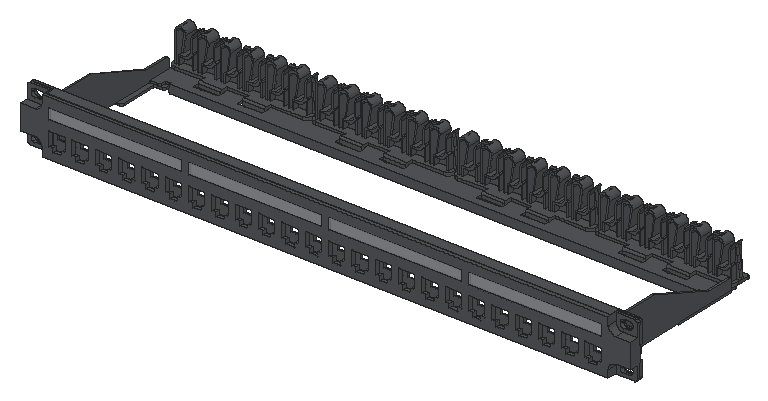
Revit family "Panel de interconexión", category Equipement spécialisé, Revit 2020
Family settings
  Cote de connecteur circulaire = Utiliser le diamètre
  Type d'élément = Normal
  Basée sur le plan de construction = Non
  Toujours verticalement = Oui
  Couper avec des vides une fois chargée = Non
  Partagée = Oui
  Point de calcul de pièce = Non
Parameters (values of type "Panel de interconexión")
  Tipo de conector = "RJ45"
  Temperatura operativa = "-10_à_60"
  Temperatura de almacenamiento = "-10_à_70"
  Tamaño modular = "19 pulgadas"
  Profundidad = 140 mm
  Número de pieza Legrand = "632850"
  Número de conectores = 24
  Numero RAL = "9017"
  Natura del cable para la conexión = "Flexible"
  Módulos de altura = "1"
  IK = "IK04"
  Función = "Paneles de interconexión conectores cobre"
  Formulación BIM = "Panel de interconexión a equipar con 24 RJ45 Cat 5e 6 6A Keystone con anillo portador metal"
  Elévation par défaut = 0 mm
  EAN = "3414972185509"
  E-catalogo enlace = "https://www.legrand.fr/reference/632850/pro"
  Color = IDS_NOIR
  Clasificación ETIM = "EC001128"
  Blindado = yes
  Anchura (mm) = 482.6 mm
  Altura = 43.8 mm
Reference planes
  plane 1 "Centre (avant/arrière)": y = 106
  plane 2: z = 0
  plane 3: x = 0
  plane 4: x = 464.6
  plane 5: z = 43.8
  plane 6: y = 104.5
  plane 7: x = -18
  plane 8: x = 446.6
  plane 9: x = 1.5
  plane 10: x = 445.1
  plane 11: z = 25.65
  plane 12: z = 14.175
  plane 13: x = -4.9
  plane 14: x = 223.3
  plane 15: x = -14.8
  plane 16: x = -4.5
  plane 17: z = 41.2
  plane 18: z = 34.4
  plane 19: z = 2.6
  plane 20: z = 9.4
  plane 21: z = 42.3
  plane 22: z = 1.5
  plane 23: y = 97.8
  plane 24: x = -5.65
  plane 25: x = -7.15
  plane 26: y = 118.8
  plane 27: z = 17.175
  plane 28: z = 23.65
  plane 29: x = 461.4
  plane 30: x = 451.1
  plane 31: z = 41.2
  plane 32: z = 34.4
  plane 33: z = 2.6
  plane 34: z = 9.4
  plane 35: x = 452.25
  plane 36: x = 453.75
  plane 37: y = 118.8
  plane 38: x = 221.465
  plane 39: x = 206.665
  plane 40: z = 29.433
  plane 41: z = 8.833
  plane 42: x = 216.065
  plane 43: x = 212.065
  plane 44: z = 31.533
  plane 45: y = 94.8
  plane 46: y = 102
  plane 47: x = 220.575
  plane 48: x = 207.575
  plane 49: z = 20.133
  plane 50: x = 210.675
  plane 51: z = 5.633
  plane 52: x = 217.475
  plane 53: x = 202.125
  plane 54: x = 189.125
  plane 55: z = 20.133
  plane 56: x = 192.225
  plane 57: z = 5.633
  plane 58: x = 199.025
  plane 59: x = 183.675
  plane 60: x = 170.675
  plane 61: z = 20.133
  plane 62: x = 173.775
  plane 63: z = 5.633
  plane 64: x = 180.575
  plane 65: x = 165.225
  plane 66: x = 152.225
  plane 67: z = 20.133
  plane 68: x = 155.325
  plane 69: z = 5.633
  plane 70: x = 162.125
  plane 71: x = 146.775
  plane 72: x = 133.775
  plane 73: z = 20.133
  plane 74: x = 136.875
  plane 75: z = 5.633
  plane 76: x = 143.675
  plane 77: x = 128.325
  plane 78: x = 115.325
  plane 79: z = 20.133
  plane 80: x = 118.425
  plane 81: z = 5.633
  plane 82: x = 125.225
  plane 83: x = 109.875
  plane 84: x = 96.875
  plane 85: z = 20.133
  plane 86: x = 99.975
  plane 87: z = 5.633
  plane 88: x = 106.775
  plane 89: x = 91.425
  plane 90: x = 78.425
  plane 91: z = 20.133
  plane 92: x = 81.525
  plane 93: z = 5.633
  plane 94: x = 88.325
  plane 95: x = 72.975
  plane 96: x = 59.975
  plane 97: z = 20.133
  plane 98: x = 63.075
  plane 99: z = 5.633
  plane 100: x = 69.875
  plane 101: x = 54.525
  plane 102: x = 41.525
  plane 103: z = 20.133
  plane 104: x = 44.625
  plane 105: z = 5.633
  plane 106: x = 51.425
  plane 107: x = 36.075
  plane 108: x = 23.075
  plane 109: z = 20.133
  plane 110: x = 26.175
  plane 111: z = 5.633
  plane 112: x = 32.975
  plane 113: x = 17.625
  plane 114: x = 4.625
  plane 115: z = 20.133
  plane 116: x = 7.725
  plane 117: z = 5.633
  plane 118: x = 14.525
  plane 119: x = 226.025
  plane 120: x = 239.025
  plane 121: z = 20.133
  plane 122: x = 235.925
  plane 123: z = 5.633
  plane 124: x = 229.125
  plane 125: x = 244.475
  plane 126: x = 257.475
  plane 127: z = 20.133
  plane 128: x = 254.375
  plane 129: z = 5.633
  plane 130: x = 247.575
  plane 131: x = 262.925
  plane 132: x = 275.925
  plane 133: z = 20.133
  plane 134: x = 272.825
  plane 135: z = 5.633
  plane 136: x = 266.025
  plane 137: x = 281.375
  plane 138: x = 294.375
  plane 139: z = 20.133
  plane 140: x = 291.275
  plane 141: z = 5.633
  plane 142: x = 284.475
  plane 143: x = 299.825
  plane 144: x = 312.825
  plane 145: z = 20.133
  plane 146: x = 309.725
  plane 147: z = 5.633
  plane 148: x = 302.925
  plane 149: x = 318.275
  plane 150: x = 331.275
  plane 151: z = 20.133
  plane 152: x = 328.175
  plane 153: z = 5.633
  plane 154: x = 321.375
  plane 155: x = 336.725
  plane 156: x = 349.725
  plane 157: z = 20.133
  plane 158: x = 346.625
  plane 159: z = 5.633
  plane 160: x = 339.825
  plane 161: x = 355.175
  plane 162: x = 368.175
  plane 163: z = 20.133
  plane 164: x = 365.075
  plane 165: z = 5.633
  plane 166: x = 358.275
  plane 167: x = 373.625
  plane 168: x = 386.625
  plane 169: z = 20.133
  plane 170: x = 383.525
  plane 171: z = 5.633
  plane 172: x = 376.725
  plane 173: x = 392.075
  plane 174: x = 405.075
  plane 175: z = 20.133
  plane 176: x = 401.975
  plane 177: z = 5.633
  plane 178: x = 395.175
  plane 179: x = 410.525
  plane 180: x = 423.525
  plane 181: z = 20.133
  plane 182: x = 420.425
  plane 183: z = 5.633
  plane 184: x = 413.625
  plane 185: x = 428.975
  plane 186: x = 441.975
  plane 187: z = 20.133
  plane 188: x = 438.875
  plane 189: z = 5.633
  plane 190: x = 432.075
  plane 191: x = 220.575
  plane 192: x = 115.325
  plane 193: z = 27.7
  plane 194: z = 36.55
  plane 195: x = 109.875
  plane 196: x = 4.625
  plane 197: z = 27.7
  plane 198: z = 36.55
  plane 199: x = 226.025
  plane 200: x = 331.275
  plane 201: z = 27.7
  plane 202: z = 36.55
  plane 203: x = 336.725
  plane 204: x = 441.975
  plane 205: z = 27.7
  plane 206: z = 36.55
  plane 207: z = 38.7
  plane 208: y = 127.2
  plane 209: z = 8.1
  plane 210: y = 216.8
  plane 211: z = 1.7
  plane 212: z = 17.7
  plane 213: y = 195.8
  plane 214: y = 141.2
  plane 215: y = 165.26
  plane 216: y = 197.76
  plane 217: y = 224.3
  plane 218: x = 6
  plane 219: x = 13.925
  plane 220: z = 38.7
  plane 221: y = 127.2
  plane 222: z = 8.1
  plane 223: y = 216.8
  plane 224: z = 1.7
  plane 225: z = 17.7
  plane 226: y = 195.8
  plane 227: y = 141.2
  plane 228: y = 165.26
  plane 229: y = 197.76
  plane 230: y = 224.3
  plane 231: x = 440.6
  plane 232: x = 432.675
  plane 233: y = 197.8
  plane 234: y = 224.3
  plane 235: x = 1.75
  plane 236: x = 444.85
  plane 237: y = 203.3
  plane 238: x = 10.225
  plane 239: x = 436.375
  plane 240: x = 14.225
  plane 241: x = 432.375
  plane 242: z = 3.2
  plane 243: x = 194.432
  plane 244: y = 208.3
  plane 245: y = 214.3
  plane 246: x = 174.802
  plane 247: y = 208.3
  plane 248: y = 214.3
  plane 249: x = 62.802
  plane 250: y = 208.3
  plane 251: y = 214.3
  plane 252: x = 271.798
  plane 253: y = 208.3
  plane 254: y = 214.3
  plane 255: x = 383.798
  plane 256: x = 210.05
  plane 257: y = 230.3
  plane 258: y = 233.3
  plane 259: x = 208.05
  plane 260: x = 217.05
  plane 261: x = 191.95
  plane 262: y = 230.3
  plane 263: y = 233.3
  plane 264: x = 189.95
  plane 265: x = 198.95
  plane 266: x = 173.85
  plane 267: y = 230.3
  plane 268: y = 233.3
  plane 269: x = 171.85
  plane 270: x = 180.85
  plane 271: x = 155.75
  plane 272: y = 230.3
  plane 273: y = 233.3
  plane 274: x = 153.75
  plane 275: x = 162.75
  plane 276: x = 137.65
  plane 277: y = 230.3
  plane 278: y = 233.3
  plane 279: x = 135.65
  plane 280: x = 144.65
  plane 281: x = 119.55
  plane 282: y = 230.3
  plane 283: y = 233.3
  plane 284: x = 117.55
  plane 285: x = 126.55
  plane 286: x = 98.05
  plane 287: y = 230.3
  plane 288: y = 233.3
  plane 289: x = 96.05
  plane 290: x = 105.05
  plane 291: x = 79.95
  plane 292: y = 230.3
  plane 293: y = 233.3
  plane 294: x = 77.95
  plane 295: x = 86.95
  plane 296: x = 61.85
  plane 297: y = 230.3
  plane 298: y = 233.3
  plane 299: x = 59.85
  plane 300: x = 68.85
  plane 301: x = 43.75
  plane 302: y = 230.3
  plane 303: y = 233.3
  plane 304: x = 41.75
  plane 305: x = 50.75
  plane 306: x = 25.65
  plane 307: y = 230.3
  plane 308: y = 233.3
  plane 309: x = 23.65
  plane 310: x = 32.65
  plane 311: x = 7.55
  plane 312: y = 230.3
  plane 313: y = 233.3
  plane 314: x = 5.55
  plane 315: x = 14.55
  plane 316: x = 236.55
  plane 317: y = 230.3
  plane 318: y = 233.3
  plane 319: x = 238.55
  plane 320: x = 229.55
  plane 321: x = 254.65
  plane 322: y = 230.3
  plane 323: y = 233.3
  plane 324: x = 256.65
  plane 325: x = 247.65
  plane 326: x = 272.75
  plane 327: y = 230.3
  plane 328: y = 233.3
  plane 329: x = 274.75
  plane 330: x = 265.75
  plane 331: x = 290.85
  plane 332: y = 230.3
  plane 333: y = 233.3
  plane 334: x = 292.85
  plane 335: x = 283.85
  plane 336: x = 308.95
  plane 337: y = 230.3
  plane 338: y = 233.3
  plane 339: x = 310.95
  plane 340: x = 301.95
  plane 341: x = 327.05
  plane 342: y = 230.3
  plane 343: y = 233.3
  plane 344: x = 329.05
  plane 345: x = 320.05
  plane 346: x = 348.55
  plane 347: y = 230.3
  plane 348: y = 233.3
  plane 349: x = 350.55
  plane 350: x = 341.55
  plane 351: x = 366.65
  plane 352: y = 230.3
  plane 353: y = 233.3
  plane 354: x = 368.65
  plane 355: x = 359.65
  plane 356: x = 384.75
  plane 357: y = 230.3
  plane 358: y = 233.3
  plane 359: x = 386.75
  plane 360: x = 377.75
  plane 361: x = 402.85
  plane 362: y = 230.3
  plane 363: y = 233.3
  plane 364: x = 404.85
  plane 365: x = 395.85
  plane 366: x = 420.95
  plane 367: y = 230.3
  plane 368: y = 233.3
  plane 369: x = 422.95
  plane 370: x = 413.95
  plane 371: x = 439.05
  plane 372: y = 230.3
  plane 373: y = 233.3
  plane 374: x = 441.05
  plane 375: x = 432.05
  plane 376: y = 218.3
  plane 377: y = 234.8
  plane 378: x = 0.4
  plane 379: x = 111.4
  plane 380: x = 28.9
  plane 381: x = 55.3
  plane 382: x = 5.4
  plane 383: z = 4.1
  plane 384: y = 233.55
  plane 385: y = 234.8
  plane 386: x = 7.9
  plane 387: z = 7.6
  plane 388: y = 232.3
  plane 389: y = 234.3
  plane 390: z = 6.6
  plane 391: x = 28.15
  plane 392: z = 4.1
  plane 393: y = 233.55
  plane 394: y = 234.8
  plane 395: z = 7.6
  plane 396: y = 232.3
  plane 397: y = 234.3
  plane 398: z = 6.6
  plane 399: y = 231.765
  plane 400: x = 0.4
  plane 401: z = 34.6
  plane 402: x = 17.9
  plane 403: z = 36.6
  plane 404: x = 16.7
  plane 405: x = 5.7
  plane 406: z = 18.6
  plane 407: x = 15.5
  plane 408: z = 33.55
  plane 409: x = 6.9
  plane 410: z = 17.4
  plane 411: x = 16.7
  plane 412: z = 22.4
  plane 413: x = 18.4
  plane 414: z = 34.6
  plane 415: x = 35.9
  plane 416: z = 36.6
  plane 417: x = 34.7
  plane 418: x = 23.7
  plane 419: z = 18.6
  plane 420: x = 33.5
  plane 421: z = 33.55
  plane 422: x = 24.9
  plane 423: z = 17.4
  plane 424: x = 34.7
  plane 425: z = 22.4
  plane 426: x = 36.4
  plane 427: z = 34.6
  plane 428: x = 53.9
  plane 429: z = 36.6
  plane 430: x = 52.7
  plane 431: x = 41.7
  plane 432: z = 18.6
  plane 433: x = 51.5
  plane 434: z = 33.55
  plane 435: x = 42.9
  plane 436: z = 17.4
  plane 437: x = 52.7
  plane 438: z = 22.4
  plane 439: x = 54.4
  plane 440: z = 34.6
  plane 441: x = 71.9
  plane 442: z = 36.6
  plane 443: x = 70.7
  plane 444: x = 59.7
  plane 445: z = 18.6
  plane 446: x = 69.5
  plane 447: z = 33.55
  plane 448: x = 60.9
  plane 449: z = 17.4
  plane 450: x = 70.7
  plane 451: z = 22.4
  plane 452: x = 72.4
  plane 453: z = 34.6
  plane 454: x = 89.9
  plane 455: z = 36.6
  plane 456: x = 88.7
  plane 457: x = 77.7
  plane 458: z = 18.6
  plane 459: x = 87.5
  plane 460: z = 33.55
  plane 461: x = 78.9
  plane 462: z = 17.4
  plane 463: x = 88.7
  plane 464: z = 22.4
  plane 465: x = 90.4
  plane 466: z = 34.6
  plane 467: x = 107.9
  plane 468: z = 36.6
  plane 469: x = 106.7
  plane 470: x = 95.7
  plane 471: z = 18.6
  plane 472: x = 105.5
  plane 473: z = 33.55
  plane 474: x = 96.9
  plane 475: z = 17.4
  plane 476: x = 106.7
  plane 477: z = 22.4
  plane 478: y = 226.765
  plane 479: x = 17.9
  plane 480: x = 35.9
  plane 481: x = 53.9
  plane 482: x = 71.9
  plane 483: x = 89.9
  plane 484: x = 167.3
  plane 485: y = 218.3
  plane 486: y = 234.8
  plane 487: x = 111.9
  plane 488: x = 222.9
  plane 489: z = 4.1
  plane 490: y = 233.55
  plane 491: y = 234.8
  plane 492: x = 119.4
  plane 493: z = 7.6
  plane 494: y = 232.3
  plane 495: y = 234.3
  plane 496: z = 6.6
  plane 497: z = 4.1
  plane 498: y = 233.55
  plane 499: y = 234.8
  plane 500: z = 7.6
  plane 501: y = 232.3
  plane 502: y = 234.3
  plane 503: z = 6.6
  plane 504: x = 111.9
  plane 505: z = 34.6
  plane 506: x = 129.4
  plane 507: z = 36.6
  plane 508: x = 128.2
  plane 509: x = 117.2
  plane 510: z = 18.6
  plane 511: x = 127
  plane 512: z = 33.55
  plane 513: x = 118.4
  plane 514: z = 17.4
  plane 515: x = 128.2
  plane 516: z = 22.4
  plane 517: x = 129.9
  plane 518: z = 34.6
  plane 519: x = 147.4
  plane 520: z = 36.6
  plane 521: x = 146.2
  plane 522: x = 135.2
  plane 523: z = 18.6
  plane 524: x = 145
  plane 525: z = 33.55
  plane 526: x = 136.4
  plane 527: z = 17.4
  plane 528: x = 146.2
  plane 529: z = 22.4
  plane 530: x = 147.9
  plane 531: z = 34.6
  plane 532: x = 165.4
  plane 533: z = 36.6
  plane 534: x = 164.2
  plane 535: x = 153.2
  plane 536: z = 18.6
  plane 537: x = 163
  plane 538: z = 33.55
  plane 539: x = 154.4
  plane 540: z = 17.4
  plane 541: x = 164.2
  plane 542: z = 22.4
  plane 543: x = 165.9
  plane 544: z = 34.6
  plane 545: x = 183.4
  plane 546: z = 36.6
  plane 547: x = 182.2
  plane 548: x = 171.2
  plane 549: z = 18.6
  plane 550: x = 181
  plane 551: z = 33.55
  plane 552: x = 172.4
  plane 553: z = 17.4
  plane 554: x = 182.2
  plane 555: z = 22.4
  plane 556: x = 183.9
  plane 557: z = 34.6
  plane 558: x = 201.4
  plane 559: z = 36.6
  plane 560: x = 200.2
  plane 561: x = 189.2
  plane 562: z = 18.6
  plane 563: x = 199
  plane 564: z = 33.55
  plane 565: x = 190.4
  plane 566: z = 17.4
  plane 567: x = 200.2
  plane 568: z = 22.4
  plane 569: x = 201.9
  plane 570: z = 34.6
  plane 571: x = 219.4
  plane 572: z = 36.6
  plane 573: x = 218.2
  plane 574: x = 207.2
  plane 575: z = 18.6
  plane 576: x = 217
  plane 577: z = 33.55
  plane 578: x = 208.4
  plane 579: z = 17.4
  plane 580: x = 218.2
  plane 581: z = 22.4
  plane 582: x = 129.4
  plane 583: x = 147.4
  plane 584: x = 165.4
  plane 585: x = 183.4
  plane 586: x = 201.4
  plane 587: x = 447
  plane 588: y = 218.3
  plane 589: y = 234.8
  plane 590: x = 336
  plane 591: x = 447
  plane 592: z = 4.1
  plane 593: y = 233.55
  plane 594: y = 234.8
  plane 595: x = 343.5
  plane 596: z = 7.6
  plane 597: y = 232.3
  plane 598: y = 234.3
  plane 599: z = 6.6
  plane 600: z = 4.1
  plane 601: y = 233.55
  plane 602: y = 234.8
  plane 603: z = 7.6
  plane 604: y = 232.3
  plane 605: y = 234.3
  plane 606: z = 6.6
  plane 607: x = 336
  plane 608: z = 34.6
  plane 609: x = 353.5
  plane 610: z = 36.6
  plane 611: x = 352.3
  plane 612: x = 341.3
  plane 613: z = 18.6
  plane 614: x = 351.1
  plane 615: z = 33.55
  plane 616: x = 342.5
  plane 617: z = 17.4
  plane 618: x = 352.3
  plane 619: z = 22.4
  plane 620: x = 354
  plane 621: z = 34.6
  plane 622: x = 371.5
  plane 623: z = 36.6
  plane 624: x = 370.3
  plane 625: x = 359.3
  plane 626: z = 18.6
  plane 627: x = 369.1
  plane 628: z = 33.55
  plane 629: x = 360.5
  plane 630: z = 17.4
  plane 631: x = 370.3
  plane 632: z = 22.4
  plane 633: x = 372
  plane 634: z = 34.6
  plane 635: x = 389.5
  plane 636: z = 36.6
  plane 637: x = 388.3
  plane 638: x = 377.3
  plane 639: z = 18.6
  plane 640: x = 387.1
  plane 641: z = 33.55
  plane 642: x = 378.5
  plane 643: z = 17.4
  plane 644: x = 388.3
  plane 645: z = 22.4
  plane 646: x = 390
  plane 647: z = 34.6
  plane 648: x = 407.5
  plane 649: z = 36.6
  plane 650: x = 406.3
  plane 651: x = 395.3
  plane 652: z = 18.6
  plane 653: x = 405.1
  plane 654: z = 33.55
  plane 655: x = 396.5
  plane 656: z = 17.4
  plane 657: x = 406.3
  plane 658: z = 22.4
  plane 659: x = 408
  plane 660: z = 34.6
  plane 661: x = 425.5
  plane 662: z = 36.6
  plane 663: x = 424.3
  plane 664: x = 413.3
  plane 665: z = 18.6
  plane 666: x = 423.1
  plane 667: z = 33.55
  plane 668: x = 414.5
  plane 669: z = 17.4
  plane 670: x = 424.3
  plane 671: z = 22.4
  plane 672: x = 426
  plane 673: z = 34.6
  plane 674: x = 443.5
  plane 675: z = 36.6
  plane 676: x = 442.3
  plane 677: x = 431.3
  plane 678: z = 18.6
  plane 679: x = 441.1
  plane 680: z = 33.55
  plane 681: x = 432.5
  plane 682: z = 17.4
  plane 683: x = 442.3
  plane 684: z = 22.4
  plane 685: x = 353.5
  plane 686: x = 371.5
  plane 687: x = 389.5
  plane 688: x = 407.5
  plane 689: x = 425.5
  plane 690: y = 218.3
  plane 691: y = 234.8
  plane 692: x = 224.5
  plane 693: x = 335.5
  plane 694: z = 4.1
  plane 695: y = 233.55
  plane 696: y = 234.8
  plane 697: x = 232
  plane 698: z = 7.6
  plane 699: y = 232.3
  plane 700: y = 234.3
  plane 701: z = 6.6
  plane 702: z = 4.1
  plane 703: y = 233.55
  plane 704: y = 234.8
  plane 705: z = 7.6
  plane 706: y = 232.3
  plane 707: y = 234.3
  plane 708: z = 6.6
  plane 709: x = 224.5
  plane 710: z = 34.6
  plane 711: x = 242
  plane 712: z = 36.6
  plane 713: x = 240.8
  plane 714: x = 229.8
  plane 715: z = 18.6
  plane 716: x = 239.6
  plane 717: z = 33.55
  plane 718: x = 231
  plane 719: z = 17.4
  plane 720: x = 240.8
  plane 721: z = 22.4
  plane 722: x = 242.5
  plane 723: z = 34.6
  plane 724: x = 260
  plane 725: z = 36.6
  plane 726: x = 258.8
  plane 727: x = 247.8
  plane 728: z = 18.6
  plane 729: x = 257.6
  plane 730: z = 33.55
  plane 731: x = 249
  plane 732: z = 17.4
  plane 733: x = 258.8
  plane 734: z = 22.4
  plane 735: x = 260.5
  plane 736: z = 34.6
  plane 737: x = 278
  plane 738: z = 36.6
  plane 739: x = 276.8
  plane 740: x = 265.8
  plane 741: z = 18.6
  plane 742: x = 275.6
  plane 743: z = 33.55
  plane 744: x = 267
  plane 745: z = 17.4
  plane 746: x = 276.8
  plane 747: z = 22.4
  plane 748: x = 278.5
  plane 749: z = 34.6
  plane 750: x = 296
  plane 751: z = 36.6
  plane 752: x = 294.8
  plane 753: x = 283.8
  plane 754: z = 18.6
  plane 755: x = 293.6
  plane 756: z = 33.55
  plane 757: x = 285
  plane 758: z = 17.4
  plane 759: x = 294.8
  plane 760: z = 22.4
  plane 761: x = 296.5
  plane 762: z = 34.6
  plane 763: x = 314
  plane 764: z = 36.6
  plane 765: x = 312.8
  plane 766: x = 301.8
  plane 767: z = 18.6
  plane 768: x = 311.6
  plane 769: z = 33.55
  plane 770: x = 303
  plane 771: z = 17.4
  plane 772: x = 312.8
  plane 773: z = 22.4
  plane 774: x = 314.5
  plane 775: z = 34.6
  plane 776: x = 332
  plane 777: z = 36.6
  plane 778: x = 330.8
  plane 779: x = 319.8
  plane 780: z = 18.6
  plane 781: x = 329.6
  plane 782: z = 33.55
  plane 783: x = 321
  plane 784: z = 17.4
  plane 785: x = 330.8
  plane 786: z = 22.4
  plane 787: x = 242
  plane 788: x = 260
  plane 789: x = 278
  plane 790: x = 296
  plane 791: x = 314
Forms (mm)
  Extrusion 1, solid, material "IDS_NOIR" <- "Color"
    sketch origin (0, 106, 0) x (1, 0, 0) y (0, 0, 1)
      loop
        arc (-15.5, 43.8) -> (-17.268, 43.068) -> (-18, 41.3) r 2.5
        line (-18, 41.3) -> (-18, 2.5)
        arc (-18, 2.5) -> (-17.268, 0.732) -> (-15.5, 0) r 2.5
        line (-15.5, 0) -> (462.1, 0)
        arc (462.1, 0) -> (463.868, 0.732) -> (464.6, 2.5) r 2.5
        line (464.6, 2.5) -> (464.6, 41.3)
        arc (464.6, 41.3) -> (463.868, 43.068) -> (462.1, 43.8) r 2.5
        line (462.1, 43.8) -> (-15.5, 43.8)
    from 0 to 1.5
  Extrusion 2, void
    sketch origin (0, 106, 0) x (1, 0, 0) y (0, 0, 1)
      loop
        line (-4.9, 14.175) -> (-4.9, 25.65) -> (-18, 25.65) -> (-18, 14.175) -> (-4.9, 14.175)
      loop
        line (-11.8, 34.4) -> (-7.5, 34.4)
        arc (-7.5, 34.4) -> (-5.379, 35.279) -> (-4.5, 37.4) r 3
        line (-4.5, 37.4) -> (-4.5, 38.2)
        arc (-4.5, 38.2) -> (-5.379, 40.321) -> (-7.5, 41.2) r 3
        line (-7.5, 41.2) -> (-11.8, 41.2)
        arc (-11.8, 41.2) -> (-13.921, 40.321) -> (-14.8, 38.2) r 3
        line (-14.8, 38.2) -> (-14.8, 37.4)
        arc (-14.8, 37.4) -> (-13.921, 35.279) -> (-11.8, 34.4) r 3
      loop
        arc (-11.8, 9.4) -> (-13.921, 8.521) -> (-14.8, 6.4) r 3
        line (-14.8, 6.4) -> (-14.8, 5.6)
        arc (-14.8, 5.6) -> (-13.921, 3.479) -> (-11.8, 2.6) r 3
        line (-11.8, 2.6) -> (-7.5, 2.6)
        arc (-7.5, 2.6) -> (-5.379, 3.479) -> (-4.5, 5.6) r 3
        line (-4.5, 5.6) -> (-4.5, 6.4)
        arc (-4.5, 6.4) -> (-5.379, 8.521) -> (-7.5, 9.4) r 3
        line (-7.5, 9.4) -> (-11.8, 9.4)
    from 0 to 1.5
  Extrusion 3, solid, material "IDS_NOIR" <- "Color"
    sketch origin (0, 0, 0) x (0, 1, 0) y (0, 0, 1)
      loop
        line (97.8, 42.3) -> (106, 42.3) -> (106, 43.8) -> (97.8, 43.8) -> (97.8, 42.3)
      loop
        line (106, 0) -> (106, 1.5) -> (97.8, 1.5) -> (97.8, 0) -> (106, 0)
    from 0 to 446.6
  Extrusion 4, solid, material "IDS_NOIR" <- "Color"
    sketch origin (-19.476, -1524, 17.175) x (-1, 0, 0) y (0, -1, 0)
      loop
        line (-12.326, -1642.8) -> (-12.326, -1629.7)
        arc (-12.326, -1629.7) -> (-12.677, -1628.851) -> (-13.526, -1628.5) r 1.2
        line (-13.526, -1628.5) -> (-14.576, -1628.5) -> (-14.576, -1629.727) -> (-13.826, -1630) -> (-13.826, -1642.8) -> (-12.326, -1642.8)
    from 0 to 6.475
  Extrusion 5, void
    sketch origin (446.6, 106, 0) x (-1, 0, 0) y (0, 0, -1)
      loop
        line (-4.9, -14.175) -> (-18, -14.175) -> (-18, -25.65) -> (-4.9, -25.65) -> (-4.9, -14.175)
      loop
        arc (-11.8, -34.4) -> (-13.921, -35.279) -> (-14.8, -37.4) r 3
        line (-14.8, -37.4) -> (-14.8, -38.2)
        arc (-14.8, -38.2) -> (-13.921, -40.321) -> (-11.8, -41.2) r 3
        line (-11.8, -41.2) -> (-7.5, -41.2)
        arc (-7.5, -41.2) -> (-5.379, -40.321) -> (-4.5, -38.2) r 3
        line (-4.5, -38.2) -> (-4.5, -37.4)
        arc (-4.5, -37.4) -> (-5.379, -35.279) -> (-7.5, -34.4) r 3
        line (-7.5, -34.4) -> (-11.8, -34.4)
      loop
        line (-11.8, -9.4) -> (-7.5, -9.4)
        arc (-7.5, -9.4) -> (-5.379, -8.521) -> (-4.5, -6.4) r 3
        line (-4.5, -6.4) -> (-4.5, -3.975)
        arc (-4.5, -3.975) -> (-5.586, -2.966) -> (-7.022, -2.6) r 3
        line (-7.022, -2.6) -> (-11.8, -2.6)
        arc (-11.8, -2.6) -> (-13.921, -3.479) -> (-14.8, -5.6) r 3
        line (-14.8, -5.6) -> (-14.8, -6.4)
        arc (-14.8, -6.4) -> (-13.921, -8.521) -> (-11.8, -9.4) r 3
    from 0 to 1.5
  Extrusion 6, solid, material "IDS_NOIR" <- "Color"
    sketch origin (466.076, -1524, 17.175) x (1, 0, 0) y (0, 1, 0)
      loop
        line (-12.326, 1642.8) -> (-13.826, 1642.8) -> (-13.826, 1630) -> (-14.576, 1629.727) -> (-14.576, 1628.5) -> (-13.526, 1628.5)
        arc (-13.526, 1628.5) -> (-12.677, 1628.851) -> (-12.326, 1629.7) r 1.2
        line (-12.326, 1629.7) -> (-12.326, 1642.8)
    from 0 to 6.475
  Extrusion 7, void
    sketch origin (-202.95, 106, 0) x (1, 0, 0) y (0, 0, 1)
      loop
        line (424.415, 8.833) -> (424.415, 29.433) -> (419.015, 29.433) -> (419.015, 31.533) -> (415.015, 31.533) -> (415.015, 29.433) -> (409.615, 29.433) -> (409.615, 8.833) -> (424.415, 8.833)
    from 0 to 1.5
  Extrusion 8, void
    sketch origin (-202.95, 106, 0) x (1, 0, 0) y (0, 0, 1)
      loop
        line (405.965, 8.833) -> (405.965, 29.433) -> (400.565, 29.433) -> (400.565, 31.533) -> (396.565, 31.533) -> (396.565, 29.433) -> (391.165, 29.433) -> (391.165, 8.833) -> (405.965, 8.833)
    from 0 to 1.5
  Extrusion 9, void
    sketch origin (-202.95, 106, 0) x (1, 0, 0) y (0, 0, 1)
      loop
        line (387.515, 8.833) -> (387.515, 29.433) -> (382.115, 29.433) -> (382.115, 31.533) -> (378.115, 31.533) -> (378.115, 29.433) -> (372.715, 29.433) -> (372.715, 8.833) -> (387.515, 8.833)
    from 0 to 1.5
  Extrusion 10, void
    sketch origin (-202.95, 106, 0) x (1, 0, 0) y (0, 0, 1)
      loop
        line (369.065, 8.833) -> (369.065, 29.433) -> (363.665, 29.433) -> (363.665, 31.533) -> (359.665, 31.533) -> (359.665, 29.433) -> (354.265, 29.433) -> (354.265, 8.833) -> (369.065, 8.833)
    from 0 to 1.5
  Extrusion 11, void
    sketch origin (-202.95, 106, 0) x (1, 0, 0) y (0, 0, 1)
      loop
        line (350.615, 8.833) -> (350.615, 29.433) -> (345.215, 29.433) -> (345.215, 31.533) -> (341.215, 31.533) -> (341.215, 29.433) -> (335.815, 29.433) -> (335.815, 8.833) -> (350.615, 8.833)
    from 0 to 1.5
  Extrusion 12, void
    sketch origin (-202.95, 106, 0) x (1, 0, 0) y (0, 0, 1)
      loop
        line (332.165, 8.833) -> (332.165, 29.433) -> (326.765, 29.433) -> (326.765, 31.533) -> (322.765, 31.533) -> (322.765, 29.433) -> (317.365, 29.433) -> (317.365, 8.833) -> (332.165, 8.833)
    from 0 to 1.5
  Extrusion 13, void
    sketch origin (-202.95, 106, 0) x (1, 0, 0) y (0, 0, 1)
      loop
        line (313.715, 8.833) -> (313.715, 29.433) -> (308.315, 29.433) -> (308.315, 31.533) -> (304.315, 31.533) -> (304.315, 29.433) -> (298.915, 29.433) -> (298.915, 8.833) -> (313.715, 8.833)
    from 0 to 1.5
  Extrusion 14, void
    sketch origin (-202.95, 106, 0) x (1, 0, 0) y (0, 0, 1)
      loop
        line (295.265, 8.833) -> (295.265, 29.433) -> (289.865, 29.433) -> (289.865, 31.533) -> (285.865, 31.533) -> (285.865, 29.433) -> (280.465, 29.433) -> (280.465, 8.833) -> (295.265, 8.833)
    from 0 to 1.5
  Extrusion 15, void
    sketch origin (-202.95, 106, 0) x (1, 0, 0) y (0, 0, 1)
      loop
        line (276.815, 8.833) -> (276.815, 29.433) -> (271.415, 29.433) -> (271.415, 31.533) -> (267.415, 31.533) -> (267.415, 29.433) -> (262.015, 29.433) -> (262.015, 8.833) -> (276.815, 8.833)
    from 0 to 1.5
  Extrusion 16, void
    sketch origin (-202.95, 106, 0) x (1, 0, 0) y (0, 0, 1)
      loop
        line (258.365, 8.833) -> (258.365, 29.433) -> (252.965, 29.433) -> (252.965, 31.533) -> (248.965, 31.533) -> (248.965, 29.433) -> (243.565, 29.433) -> (243.565, 8.833) -> (258.365, 8.833)
    from 0 to 1.5
  Extrusion 17, void
    sketch origin (-202.95, 106, 0) x (1, 0, 0) y (0, 0, 1)
      loop
        line (239.915, 8.833) -> (239.915, 29.433) -> (234.515, 29.433) -> (234.515, 31.533) -> (230.515, 31.533) -> (230.515, 29.433) -> (225.115, 29.433) -> (225.115, 8.833) -> (239.915, 8.833)
    from 0 to 1.5
  Extrusion 18, void
    sketch origin (-202.95, 106, 0) x (1, 0, 0) y (0, 0, 1)
      loop
        line (221.465, 8.833) -> (221.465, 29.433) -> (216.065, 29.433) -> (216.065, 31.533) -> (212.065, 31.533) -> (212.065, 29.433) -> (206.665, 29.433) -> (206.665, 8.833) -> (221.465, 8.833)
    from 0 to 1.5
  Extrusion 19, void
    sketch origin (-405.9, 106, 0) x (1, 0, 0) y (0, 0, 1)
      loop
        line (631.035, 8.833) -> (645.835, 8.833) -> (645.835, 29.433) -> (640.435, 29.433) -> (640.435, 31.533) -> (636.435, 31.533) -> (636.435, 29.433) -> (631.035, 29.433) -> (631.035, 8.833)
    from 0 to 1.5
  Extrusion 20, void
    sketch origin (-387.45, 106, 0) x (1, 0, 0) y (0, 0, 1)
      loop
        line (631.035, 8.833) -> (645.835, 8.833) -> (645.835, 29.433) -> (640.435, 29.433) -> (640.435, 31.533) -> (636.435, 31.533) -> (636.435, 29.433) -> (631.035, 29.433) -> (631.035, 8.833)
    from 0 to 1.5
  Extrusion 21, void
    sketch origin (-369, 106, 0) x (1, 0, 0) y (0, 0, 1)
      loop
        line (631.035, 8.833) -> (645.835, 8.833) -> (645.835, 29.433) -> (640.435, 29.433) -> (640.435, 31.533) -> (636.435, 31.533) -> (636.435, 29.433) -> (631.035, 29.433) -> (631.035, 8.833)
    from 0 to 1.5
  Extrusion 22, void
    sketch origin (-350.55, 106, 0) x (1, 0, 0) y (0, 0, 1)
      loop
        line (631.035, 8.833) -> (645.835, 8.833) -> (645.835, 29.433) -> (640.435, 29.433) -> (640.435, 31.533) -> (636.435, 31.533) -> (636.435, 29.433) -> (631.035, 29.433) -> (631.035, 8.833)
    from 0 to 1.5
  Extrusion 23, void
    sketch origin (-332.1, 106, 0) x (1, 0, 0) y (0, 0, 1)
      loop
        line (631.035, 8.833) -> (645.835, 8.833) -> (645.835, 29.433) -> (640.435, 29.433) -> (640.435, 31.533) -> (636.435, 31.533) -> (636.435, 29.433) -> (631.035, 29.433) -> (631.035, 8.833)
    from 0 to 1.5
  Extrusion 24, void
    sketch origin (-313.65, 106, 0) x (1, 0, 0) y (0, 0, 1)
      loop
        line (631.035, 8.833) -> (645.835, 8.833) -> (645.835, 29.433) -> (640.435, 29.433) -> (640.435, 31.533) -> (636.435, 31.533) -> (636.435, 29.433) -> (631.035, 29.433) -> (631.035, 8.833)
    from 0 to 1.5
  Extrusion 25, void
    sketch origin (-295.2, 106, 0) x (1, 0, 0) y (0, 0, 1)
      loop
        line (631.035, 8.833) -> (645.835, 8.833) -> (645.835, 29.433) -> (640.435, 29.433) -> (640.435, 31.533) -> (636.435, 31.533) -> (636.435, 29.433) -> (631.035, 29.433) -> (631.035, 8.833)
    from 0 to 1.5
  Extrusion 26, void
    sketch origin (-276.75, 106, 0) x (1, 0, 0) y (0, 0, 1)
      loop
        line (631.035, 8.833) -> (645.835, 8.833) -> (645.835, 29.433) -> (640.435, 29.433) -> (640.435, 31.533) -> (636.435, 31.533) -> (636.435, 29.433) -> (631.035, 29.433) -> (631.035, 8.833)
    from 0 to 1.5
  Extrusion 27, void
    sketch origin (-258.3, 106, 0) x (1, 0, 0) y (0, 0, 1)
      loop
        line (631.035, 8.833) -> (645.835, 8.833) -> (645.835, 29.433) -> (640.435, 29.433) -> (640.435, 31.533) -> (636.435, 31.533) -> (636.435, 29.433) -> (631.035, 29.433) -> (631.035, 8.833)
    from 0 to 1.5
  Extrusion 28, void
    sketch origin (-239.85, 106, 0) x (1, 0, 0) y (0, 0, 1)
      loop
        line (631.035, 8.833) -> (645.835, 8.833) -> (645.835, 29.433) -> (640.435, 29.433) -> (640.435, 31.533) -> (636.435, 31.533) -> (636.435, 29.433) -> (631.035, 29.433) -> (631.035, 8.833)
    from 0 to 1.5
  Extrusion 29, void
    sketch origin (-221.4, 106, 0) x (1, 0, 0) y (0, 0, 1)
      loop
        line (631.035, 8.833) -> (645.835, 8.833) -> (645.835, 29.433) -> (640.435, 29.433) -> (640.435, 31.533) -> (636.435, 31.533) -> (636.435, 29.433) -> (631.035, 29.433) -> (631.035, 8.833)
    from 0 to 1.5
  Extrusion 30, void
    sketch origin (-202.95, 106, 0) x (1, 0, 0) y (0, 0, 1)
      loop
        line (631.035, 8.833) -> (645.835, 8.833) -> (645.835, 29.433) -> (640.435, 29.433) -> (640.435, 31.533) -> (636.435, 31.533) -> (636.435, 29.433) -> (631.035, 29.433) -> (631.035, 8.833)
    from 0 to 1.5
  Extrusion 31, solid, material "IDS_NOIR" <- "Color"
    sketch origin (-186.207, 0, 0) x (1, 0, 0) y (0, 1, 0)
      loop
        line (168.207, 94.8) -> (650.807, 94.8) -> (650.807, 104.5) -> (632.807, 104.5) -> (632.807, 97.8) -> (186.207, 97.8) -> (186.207, 104.5) -> (168.207, 104.5) -> (168.207, 94.8)
    from 0 to 43.8
  Extrusion 32, void
    sketch origin (-23.337, 94.8, 1200) x (1, 0, 0) y (0, 0, 1)
      loop
        line (5.337, -1156.2) -> (5.337, -1168.465) -> (16.837, -1168.465)
        arc (16.837, -1168.465) -> (21.079, -1166.708) -> (22.837, -1162.465) r 6
        line (22.837, -1162.465) -> (22.837, -1156.2) -> (5.337, -1156.2)
      loop
        line (5.337, -1200) -> (22.837, -1200) -> (22.837, -1193.735)
        arc (22.837, -1193.735) -> (21.079, -1189.492) -> (16.837, -1187.735) r 6
        line (16.837, -1187.735) -> (5.337, -1187.735) -> (5.337, -1200)
    from 0 to -7.2
  Extrusion 33, void
    sketch origin (469.937, 94.8, 1200) x (-1, 0, 0) y (0, 0, -1)
      loop
        line (5.337, 1156.2) -> (22.837, 1156.2) -> (22.837, 1162.465)
        arc (22.837, 1162.465) -> (21.079, 1166.708) -> (16.837, 1168.465) r 6
        line (16.837, 1168.465) -> (5.337, 1168.465) -> (5.337, 1156.2)
      loop
        line (5.337, 1200) -> (5.337, 1187.735) -> (16.837, 1187.735)
        arc (16.837, 1187.735) -> (21.079, 1189.492) -> (22.837, 1193.735) r 6
        line (22.837, 1193.735) -> (22.837, 1200) -> (5.337, 1200)
    from 0 to -7.2
  Extrusion 34, void
    sketch origin (-23.337, 102, 1200) x (-1, 0, 0) y (0, 0, 1)
      loop
        line (-11.537, -1158.8) -> (-15.837, -1158.8)
        arc (-15.837, -1158.8) -> (-17.958, -1159.679) -> (-18.837, -1161.8) r 3
        line (-18.837, -1161.8) -> (-18.837, -1162.6)
        arc (-18.837, -1162.6) -> (-17.958, -1164.721) -> (-15.837, -1165.6) r 3
        line (-15.837, -1165.6) -> (-11.537, -1165.6)
        arc (-11.537, -1165.6) -> (-9.415, -1164.721) -> (-8.537, -1162.6) r 3
        line (-8.537, -1162.6) -> (-8.537, -1161.8)
        arc (-8.537, -1161.8) -> (-9.415, -1159.679) -> (-11.537, -1158.8) r 3
      loop
        arc (-7.837, -1156.2) -> (-6.069, -1156.932) -> (-5.337, -1158.7) r 2.5
        line (-5.337, -1158.7) -> (-5.337, -1156.2) -> (-7.837, -1156.2)
      loop
        line (-8.537, -1194.4) -> (-8.537, -1193.6)
        arc (-8.537, -1193.6) -> (-9.415, -1191.479) -> (-11.537, -1190.6) r 3
        line (-11.537, -1190.6) -> (-15.837, -1190.6)
        arc (-15.837, -1190.6) -> (-17.958, -1191.479) -> (-18.837, -1193.6) r 3
        line (-18.837, -1193.6) -> (-18.837, -1194.4)
        arc (-18.837, -1194.4) -> (-17.958, -1196.521) -> (-15.837, -1197.4) r 3
        line (-15.837, -1197.4) -> (-11.537, -1197.4)
        arc (-11.537, -1197.4) -> (-9.415, -1196.521) -> (-8.537, -1194.4) r 3
      loop
        line (-5.337, -1200) -> (-5.337, -1197.5)
        arc (-5.337, -1197.5) -> (-6.069, -1199.268) -> (-7.837, -1200) r 2.5
        line (-7.837, -1200) -> (-5.337, -1200)
      loop
        arc (-481.737, -1158.8) -> (-483.858, -1159.679) -> (-484.737, -1161.8) r 3
        line (-484.737, -1161.8) -> (-484.737, -1162.6)
        arc (-484.737, -1162.6) -> (-483.858, -1164.721) -> (-481.737, -1165.6) r 3
        line (-481.737, -1165.6) -> (-477.437, -1165.6)
        arc (-477.437, -1165.6) -> (-475.315, -1164.721) -> (-474.437, -1162.6) r 3
        line (-474.437, -1162.6) -> (-474.437, -1161.8)
        arc (-474.437, -1161.8) -> (-475.315, -1159.679) -> (-477.437, -1158.8) r 3
        line (-477.437, -1158.8) -> (-481.737, -1158.8)
      loop
        line (-485.437, -1156.2) -> (-487.937, -1156.2) -> (-487.937, -1158.7)
        arc (-487.937, -1158.7) -> (-487.205, -1156.932) -> (-485.437, -1156.2) r 2.5
      loop
        arc (-484.737, -1194.4) -> (-483.858, -1196.521) -> (-481.737, -1197.4) r 3
        line (-481.737, -1197.4) -> (-477.437, -1197.4)
        arc (-477.437, -1197.4) -> (-475.315, -1196.521) -> (-474.437, -1194.4) r 3
        line (-474.437, -1194.4) -> (-474.437, -1193.6)
        arc (-474.437, -1193.6) -> (-475.315, -1191.479) -> (-477.437, -1190.6) r 3
        line (-477.437, -1190.6) -> (-481.737, -1190.6)
        arc (-481.737, -1190.6) -> (-483.858, -1191.479) -> (-484.737, -1193.6) r 3
        line (-484.737, -1193.6) -> (-484.737, -1194.4)
      loop
        line (-487.937, -1200) -> (-485.437, -1200)
        arc (-485.437, -1200) -> (-487.205, -1199.268) -> (-487.937, -1197.5) r 2.5
        line (-487.937, -1197.5) -> (-487.937, -1200)
    from 0 to 2.5
  Extrusion 35, void
    sketch origin (-226.287, 94.8, 1200) x (1, 0, 0) y (0, 0, 1)
      loop
        line (433.862, -1179.867) -> (433.862, -1191.167) -> (436.962, -1191.167) -> (436.962, -1194.367) -> (443.762, -1194.367) -> (443.762, -1191.167) -> (446.862, -1191.167) -> (446.862, -1179.867) -> (433.862, -1179.867)
    from 0 to -3
  Extrusion 36, void
    sketch origin (-226.287, 94.8, 1200) x (1, 0, 0) y (0, 0, 1)
      loop
        line (415.412, -1179.867) -> (415.412, -1191.167) -> (418.512, -1191.167) -> (418.512, -1194.367) -> (425.312, -1194.367) -> (425.312, -1191.167) -> (428.412, -1191.167) -> (428.412, -1179.867) -> (415.412, -1179.867)
    from 0 to -3
  Extrusion 37, void
    sketch origin (-226.287, 94.8, 1200) x (1, 0, 0) y (0, 0, 1)
      loop
        line (396.962, -1179.867) -> (396.962, -1191.167) -> (400.062, -1191.167) -> (400.062, -1194.367) -> (406.862, -1194.367) -> (406.862, -1191.167) -> (409.962, -1191.167) -> (409.962, -1179.867) -> (396.962, -1179.867)
    from 0 to -3
  Extrusion 38, void
    sketch origin (-226.287, 94.8, 1200) x (1, 0, 0) y (0, 0, 1)
      loop
        line (378.512, -1179.867) -> (378.512, -1191.167) -> (381.612, -1191.167) -> (381.612, -1194.367) -> (388.412, -1194.367) -> (388.412, -1191.167) -> (391.512, -1191.167) -> (391.512, -1179.867) -> (378.512, -1179.867)
    from 0 to -3
  Extrusion 39, void
    sketch origin (-226.287, 94.8, 1200) x (1, 0, 0) y (0, 0, 1)
      loop
        line (360.062, -1179.867) -> (360.062, -1191.167) -> (363.162, -1191.167) -> (363.162, -1194.367) -> (369.962, -1194.367) -> (369.962, -1191.167) -> (373.062, -1191.167) -> (373.062, -1179.867) -> (360.062, -1179.867)
    from 0 to -3
  Extrusion 40, void
    sketch origin (-226.287, 94.8, 1200) x (1, 0, 0) y (0, 0, 1)
      loop
        line (341.612, -1179.867) -> (341.612, -1191.167) -> (344.712, -1191.167) -> (344.712, -1194.367) -> (351.512, -1194.367) -> (351.512, -1191.167) -> (354.612, -1191.167) -> (354.612, -1179.867) -> (341.612, -1179.867)
    from 0 to -3
  Extrusion 41, void
    sketch origin (-226.287, 94.8, 1200) x (1, 0, 0) y (0, 0, 1)
      loop
        line (323.162, -1179.867) -> (323.162, -1191.167) -> (326.262, -1191.167) -> (326.262, -1194.367) -> (333.062, -1194.367) -> (333.062, -1191.167) -> (336.162, -1191.167) -> (336.162, -1179.867) -> (323.162, -1179.867)
    from 0 to -3
  Extrusion 42, void
    sketch origin (-226.287, 94.8, 1200) x (1, 0, 0) y (0, 0, 1)
      loop
        line (304.712, -1179.867) -> (304.712, -1191.167) -> (307.812, -1191.167) -> (307.812, -1194.367) -> (314.612, -1194.367) -> (314.612, -1191.167) -> (317.712, -1191.167) -> (317.712, -1179.867) -> (304.712, -1179.867)
    from 0 to -3
  Extrusion 43, void
    sketch origin (-226.287, 94.8, 1200) x (1, 0, 0) y (0, 0, 1)
      loop
        line (286.262, -1179.867) -> (286.262, -1191.167) -> (289.362, -1191.167) -> (289.362, -1194.367) -> (296.162, -1194.367) -> (296.162, -1191.167) -> (299.262, -1191.167) -> (299.262, -1179.867) -> (286.262, -1179.867)
    from 0 to -3
  Extrusion 44, void
    sketch origin (-226.287, 94.8, 1200) x (1, 0, 0) y (0, 0, 1)
      loop
        line (267.812, -1179.867) -> (267.812, -1191.167) -> (270.912, -1191.167) -> (270.912, -1194.367) -> (277.712, -1194.367) -> (277.712, -1191.167) -> (280.812, -1191.167) -> (280.812, -1179.867) -> (267.812, -1179.867)
    from 0 to -3
  Extrusion 45, void
    sketch origin (-226.287, 94.8, 1200) x (1, 0, 0) y (0, 0, 1)
      loop
        line (249.362, -1179.867) -> (249.362, -1191.167) -> (252.462, -1191.167) -> (252.462, -1194.367) -> (259.262, -1194.367) -> (259.262, -1191.167) -> (262.362, -1191.167) -> (262.362, -1179.867) -> (249.362, -1179.867)
    from 0 to -3
  Extrusion 46, void
    sketch origin (-226.287, 94.8, 1200) x (1, 0, 0) y (0, 0, 1)
      loop
        line (230.912, -1179.867) -> (230.912, -1191.167) -> (234.012, -1191.167) -> (234.012, -1194.367) -> (240.812, -1194.367) -> (240.812, -1191.167) -> (243.912, -1191.167) -> (243.912, -1179.867) -> (230.912, -1179.867)
    from 0 to -3
  Extrusion 47, void
    sketch origin (-429.237, 94.8, 1200) x (1, 0, 0) y (0, 0, 1)
      loop
        line (668.262, -1179.867) -> (655.262, -1179.867) -> (655.262, -1191.167) -> (658.362, -1191.167) -> (658.362, -1194.367) -> (665.162, -1194.367) -> (665.162, -1191.167) -> (668.262, -1191.167) -> (668.262, -1179.867)
    from 0 to -3
  Extrusion 48, void
    sketch origin (-410.787, 94.8, 1200) x (1, 0, 0) y (0, 0, 1)
      loop
        line (668.262, -1179.867) -> (655.262, -1179.867) -> (655.262, -1191.167) -> (658.362, -1191.167) -> (658.362, -1194.367) -> (665.162, -1194.367) -> (665.162, -1191.167) -> (668.262, -1191.167) -> (668.262, -1179.867)
    from 0 to -3
  Extrusion 49, void
    sketch origin (-392.337, 94.8, 1200) x (1, 0, 0) y (0, 0, 1)
      loop
        line (668.262, -1179.867) -> (655.262, -1179.867) -> (655.262, -1191.167) -> (658.362, -1191.167) -> (658.362, -1194.367) -> (665.162, -1194.367) -> (665.162, -1191.167) -> (668.262, -1191.167) -> (668.262, -1179.867)
    from 0 to -3
  Extrusion 50, void
    sketch origin (-373.887, 94.8, 1200) x (1, 0, 0) y (0, 0, 1)
      loop
        line (668.262, -1179.867) -> (655.262, -1179.867) -> (655.262, -1191.167) -> (658.362, -1191.167) -> (658.362, -1194.367) -> (665.162, -1194.367) -> (665.162, -1191.167) -> (668.262, -1191.167) -> (668.262, -1179.867)
    from 0 to -3
  Extrusion 51, void
    sketch origin (-355.437, 94.8, 1200) x (1, 0, 0) y (0, 0, 1)
      loop
        line (668.262, -1179.867) -> (655.262, -1179.867) -> (655.262, -1191.167) -> (658.362, -1191.167) -> (658.362, -1194.367) -> (665.162, -1194.367) -> (665.162, -1191.167) -> (668.262, -1191.167) -> (668.262, -1179.867)
    from 0 to -3
  Extrusion 52, void
    sketch origin (-336.987, 94.8, 1200) x (1, 0, 0) y (0, 0, 1)
      loop
        line (668.262, -1179.867) -> (655.262, -1179.867) -> (655.262, -1191.167) -> (658.362, -1191.167) -> (658.362, -1194.367) -> (665.162, -1194.367) -> (665.162, -1191.167) -> (668.262, -1191.167) -> (668.262, -1179.867)
    from 0 to -3
  Extrusion 53, void
    sketch origin (-318.537, 94.8, 1200) x (1, 0, 0) y (0, 0, 1)
      loop
        line (668.262, -1179.867) -> (655.262, -1179.867) -> (655.262, -1191.167) -> (658.362, -1191.167) -> (658.362, -1194.367) -> (665.162, -1194.367) -> (665.162, -1191.167) -> (668.262, -1191.167) -> (668.262, -1179.867)
    from 0 to -3
  Extrusion 54, void
    sketch origin (-300.087, 94.8, 1200) x (1, 0, 0) y (0, 0, 1)
      loop
        line (668.262, -1179.867) -> (655.262, -1179.867) -> (655.262, -1191.167) -> (658.362, -1191.167) -> (658.362, -1194.367) -> (665.162, -1194.367) -> (665.162, -1191.167) -> (668.262, -1191.167) -> (668.262, -1179.867)
    from 0 to -3
  Extrusion 55, void
    sketch origin (-281.637, 94.8, 1200) x (1, 0, 0) y (0, 0, 1)
      loop
        line (668.262, -1179.867) -> (655.262, -1179.867) -> (655.262, -1191.167) -> (658.362, -1191.167) -> (658.362, -1194.367) -> (665.162, -1194.367) -> (665.162, -1191.167) -> (668.262, -1191.167) -> (668.262, -1179.867)
    from 0 to -3
  Extrusion 56, void
    sketch origin (-263.187, 94.8, 1200) x (1, 0, 0) y (0, 0, 1)
      loop
        line (668.262, -1179.867) -> (655.262, -1179.867) -> (655.262, -1191.167) -> (658.362, -1191.167) -> (658.362, -1194.367) -> (665.162, -1194.367) -> (665.162, -1191.167) -> (668.262, -1191.167) -> (668.262, -1179.867)
    from 0 to -3
  Extrusion 57, void
    sketch origin (-244.737, 94.8, 1200) x (1, 0, 0) y (0, 0, 1)
      loop
        line (668.262, -1179.867) -> (655.262, -1179.867) -> (655.262, -1191.167) -> (658.362, -1191.167) -> (658.362, -1194.367) -> (665.162, -1194.367) -> (665.162, -1191.167) -> (668.262, -1191.167) -> (668.262, -1179.867)
    from 0 to -3
  Extrusion 58, void
    sketch origin (-226.287, 94.8, 1200) x (1, 0, 0) y (0, 0, 1)
      loop
        line (668.262, -1179.867) -> (655.262, -1179.867) -> (655.262, -1191.167) -> (658.362, -1191.167) -> (658.362, -1194.367) -> (665.162, -1194.367) -> (665.162, -1191.167) -> (668.262, -1191.167) -> (668.262, -1179.867)
    from 0 to -3
  Extrusion 59, void
    sketch origin (464.6, 94.8, 0) x (1, 0, 0) y (0, 0, -1)
      loop
        line (-349.275, -27.7) -> (-349.275, -36.55) -> (-244.025, -36.55) -> (-244.025, -27.7) -> (-349.275, -27.7)
    from 0 to 1
  Extrusion 60, void
    sketch origin (353.9, 94.8, 0) x (1, 0, 0) y (0, 0, -1)
      loop
        line (-349.275, -27.7) -> (-349.275, -36.55) -> (-244.025, -36.55) -> (-244.025, -27.7) -> (-349.275, -27.7)
    from 0 to 1
  Extrusion 61, void
    sketch origin (-18, 94.8, 0) x (-1, 0, 0) y (0, 0, 1)
      loop
        line (-349.275, 27.7) -> (-244.025, 27.7) -> (-244.025, 36.55) -> (-349.275, 36.55) -> (-349.275, 27.7)
    from 0 to 1
  Extrusion 62, void
    sketch origin (92.7, 94.8, 0) x (-1, 0, 0) y (0, 0, 1)
      loop
        line (-349.275, 27.7) -> (-244.025, 27.7) -> (-244.025, 36.55) -> (-349.275, 36.55) -> (-349.275, 27.7)
    from 0 to 1
  Extrusion 63, solid, material "IDS_NOIR" <- "Color"
    sketch origin (0, 0, 0) x (0, 1, 0) y (0, 0, 1)
      loop
        line (107.5, 1.7) -> (125.7, 1.7)
        arc (125.7, 1.7) -> (126.761, 2.139) -> (127.2, 3.2) r 1.5
        line (127.2, 3.2) -> (127.2, 8.1) -> (216.8, 8.1) -> (216.8, 16.2)
        arc (216.8, 16.2) -> (216.361, 17.261) -> (215.3, 17.7) r 1.5
        line (215.3, 17.7) -> (195.8, 17.7) -> (141.2, 38.7) -> (107.5, 38.7)
        arc (107.5, 38.7) -> (106.439, 38.261) -> (106, 37.2) r 1.5
        line (106, 37.2) -> (106, 3.2)
        arc (106, 3.2) -> (106.439, 2.139) -> (107.5, 1.7) r 1.5
    from 0 to 1.5
  Extrusion 64, solid, material "IDS_NOIR" <- "Color"
    sketch origin (0, 127.2, 8.1) x (1, 0, 0) y (0, -1, 0)
      loop
        line (4, -38.06) -> (0, -38.06) -> (0, -89.6) -> (1.5, -89.6) -> (1.5, -95.6)
        arc (1.5, -95.6) -> (1.939, -96.661) -> (3, -97.1) r 1.5
        line (3, -97.1) -> (12.425, -97.1)
        arc (12.425, -97.1) -> (13.486, -96.661) -> (13.925, -95.6) r 1.5
        line (13.925, -95.6) -> (13.925, -72.06)
        arc (13.925, -72.06) -> (13.486, -70.999) -> (12.425, -70.56) r 1.5
        line (12.425, -70.56) -> (7.5, -70.56)
        arc (7.5, -70.56) -> (6.439, -70.121) -> (6, -69.06) r 1.5
        line (6, -69.06) -> (6, -40.06)
        arc (6, -40.06) -> (5.414, -38.646) -> (4, -38.06) r 2
    from 0 to 1.5
  Extrusion 65, solid, material "IDS_NOIR" <- "Color"
    sketch origin (446.6, 0, 0) x (0, 1, 0) y (0, 0, -1)
      loop
        arc (107.5, -1.7) -> (106.439, -2.139) -> (106, -3.2) r 1.5
        line (106, -3.2) -> (106, -37.2)
        arc (106, -37.2) -> (106.439, -38.261) -> (107.5, -38.7) r 1.5
        line (107.5, -38.7) -> (141.2, -38.7) -> (195.8, -17.7) -> (215.3, -17.7)
        arc (215.3, -17.7) -> (216.361, -17.261) -> (216.8, -16.2) r 1.5
        line (216.8, -16.2) -> (216.8, -8.1) -> (127.2, -8.1) -> (127.2, -3.2)
        arc (127.2, -3.2) -> (126.761, -2.139) -> (125.7, -1.7) r 1.5
        line (125.7, -1.7) -> (107.5, -1.7)
    from 0 to 1.5
  Extrusion 66, solid, material "IDS_NOIR" <- "Color"
    sketch origin (446.6, 127.2, 8.1) x (1, 0, 0) y (0, -1, 0)
      loop
        arc (-4, -38.06) -> (-5.414, -38.646) -> (-6, -40.06) r 2
        line (-6, -40.06) -> (-6, -69.06)
        arc (-6, -69.06) -> (-6.439, -70.121) -> (-7.5, -70.56) r 1.5
        line (-7.5, -70.56) -> (-12.425, -70.56)
        arc (-12.425, -70.56) -> (-13.486, -70.999) -> (-13.925, -72.06) r 1.5
        line (-13.925, -72.06) -> (-13.925, -95.6)
        arc (-13.925, -95.6) -> (-13.486, -96.661) -> (-12.425, -97.1) r 1.5
        line (-12.425, -97.1) -> (-3, -97.1)
        arc (-3, -97.1) -> (-1.939, -96.661) -> (-1.5, -95.6) r 1.5
        line (-1.5, -95.6) -> (-1.5, -89.6) -> (0, -89.6) -> (0, -38.06) -> (-4, -38.06)
    from 0 to 1.5
  Extrusion 67, solid, material "IDS_NOIR" <- "Color"
    sketch origin (0, 127.2, 8.1) x (1, 0, 0) y (0, 1, 0)
      loop
        arc (1.5, 71.6) -> (1.793, 70.893) -> (2.5, 70.6) r 1
        line (2.5, 70.6) -> (9.225, 70.6)
        arc (9.225, 70.6) -> (9.932, 70.893) -> (10.225, 71.6) r 1
        line (10.225, 71.6) -> (10.225, 75.1)
        arc (10.225, 75.1) -> (10.518, 75.807) -> (11.225, 76.1) r 1
        line (11.225, 76.1) -> (435.375, 76.1)
        arc (435.375, 76.1) -> (436.082, 75.807) -> (436.375, 75.1) r 1
        line (436.375, 75.1) -> (436.375, 71.6)
        arc (436.375, 71.6) -> (436.668, 70.893) -> (437.375, 70.6) r 1
        line (437.375, 70.6) -> (443.85, 70.6)
        arc (443.85, 70.6) -> (444.557, 70.893) -> (444.85, 71.6) r 1
        line (444.85, 71.6) -> (444.85, 96.1)
        arc (444.85, 96.1) -> (444.557, 96.807) -> (443.85, 97.1) r 1
        line (443.85, 97.1) -> (2.5, 97.1)
        arc (2.5, 97.1) -> (1.793, 96.807) -> (1.5, 96.1) r 1
        line (1.5, 96.1) -> (1.5, 71.6)
    from 0 to 1.5
  Extrusion 68, solid, material "IDS_NOIR" <- "Color"
    sketch origin (436.375, 203.3, 8.1) x (-1, 0, 0) y (0, 0, -1)
      loop
        arc (5, 4.9) -> (4.293, 4.607) -> (4, 3.9) r 1
        line (4, 3.9) -> (4, -1.5) -> (422.15, -1.5) -> (422.15, 3.9)
        arc (422.15, 3.9) -> (421.857, 4.607) -> (421.15, 4.9) r 1
        line (421.15, 4.9) -> (5, 4.9)
    from 0 to 1.5
  Extrusion 69, void
    sketch origin (0, 127.2, 8.1) x (1, 0, 0) y (0, 1, 0)
      loop
        line (175.802, 81.1) -> (193.432, 81.1)
        arc (193.432, 81.1) -> (194.139, 81.393) -> (194.432, 82.1) r 1
        line (194.432, 82.1) -> (194.432, 86.1)
        arc (194.432, 86.1) -> (194.139, 86.807) -> (193.432, 87.1) r 1
        line (193.432, 87.1) -> (175.802, 87.1)
        arc (175.802, 87.1) -> (175.095, 86.807) -> (174.802, 86.1) r 1
        line (174.802, 86.1) -> (174.802, 82.1)
        arc (174.802, 82.1) -> (175.095, 81.393) -> (175.802, 81.1) r 1
      loop
        line (141.172, 81.1) -> (158.802, 81.1)
        arc (158.802, 81.1) -> (159.509, 81.393) -> (159.802, 82.1) r 1
        line (159.802, 82.1) -> (159.802, 86.1)
        arc (159.802, 86.1) -> (159.509, 86.807) -> (158.802, 87.1) r 1
        line (158.802, 87.1) -> (141.172, 87.1)
        arc (141.172, 87.1) -> (140.465, 86.807) -> (140.172, 86.1) r 1
        line (140.172, 86.1) -> (140.172, 82.1)
        arc (140.172, 82.1) -> (140.465, 81.393) -> (141.172, 81.1) r 1
    from 0 to 1.5
  Extrusion 70, void
    sketch origin (-112, 127.2, 8.1) x (1, 0, 0) y (0, 1, 0)
      loop
        line (175.802, 81.1) -> (193.432, 81.1)
        arc (193.432, 81.1) -> (194.139, 81.393) -> (194.432, 82.1) r 1
        line (194.432, 82.1) -> (194.432, 86.1)
        arc (194.432, 86.1) -> (194.139, 86.807) -> (193.432, 87.1) r 1
        line (193.432, 87.1) -> (175.802, 87.1)
        arc (175.802, 87.1) -> (175.095, 86.807) -> (174.802, 86.1) r 1
        line (174.802, 86.1) -> (174.802, 82.1)
        arc (174.802, 82.1) -> (175.095, 81.393) -> (175.802, 81.1) r 1
      loop
        line (141.172, 81.1) -> (158.802, 81.1)
        arc (158.802, 81.1) -> (159.509, 81.393) -> (159.802, 82.1) r 1
        line (159.802, 82.1) -> (159.802, 86.1)
        arc (159.802, 86.1) -> (159.509, 86.807) -> (158.802, 87.1) r 1
        line (158.802, 87.1) -> (141.172, 87.1)
        arc (141.172, 87.1) -> (140.465, 86.807) -> (140.172, 86.1) r 1
        line (140.172, 86.1) -> (140.172, 82.1)
        arc (140.172, 82.1) -> (140.465, 81.393) -> (141.172, 81.1) r 1
    from 0 to 1.5
  Extrusion 71, void
    sketch origin (446.6, 127.2, 8.1) x (-1, 0, 0) y (0, -1, 0)
      loop
        arc (175.802, -81.1) -> (175.095, -81.393) -> (174.802, -82.1) r 1
        line (174.802, -82.1) -> (174.802, -86.1)
        arc (174.802, -86.1) -> (175.095, -86.807) -> (175.802, -87.1) r 1
        line (175.802, -87.1) -> (193.432, -87.1)
        arc (193.432, -87.1) -> (194.139, -86.807) -> (194.432, -86.1) r 1
        line (194.432, -86.1) -> (194.432, -82.1)
        arc (194.432, -82.1) -> (194.139, -81.393) -> (193.432, -81.1) r 1
        line (193.432, -81.1) -> (175.802, -81.1)
      loop
        arc (141.172, -81.1) -> (140.465, -81.393) -> (140.172, -82.1) r 1
        line (140.172, -82.1) -> (140.172, -86.1)
        arc (140.172, -86.1) -> (140.465, -86.807) -> (141.172, -87.1) r 1
        line (141.172, -87.1) -> (158.802, -87.1)
        arc (158.802, -87.1) -> (159.509, -86.807) -> (159.802, -86.1) r 1
        line (159.802, -86.1) -> (159.802, -82.1)
        arc (159.802, -82.1) -> (159.509, -81.393) -> (158.802, -81.1) r 1
        line (158.802, -81.1) -> (141.172, -81.1)
    from 0 to 1.5
  Extrusion 72, void
    sketch origin (558.6, 127.2, 8.1) x (-1, 0, 0) y (0, -1, 0)
      loop
        arc (175.802, -81.1) -> (175.095, -81.393) -> (174.802, -82.1) r 1
        line (174.802, -82.1) -> (174.802, -86.1)
        arc (174.802, -86.1) -> (175.095, -86.807) -> (175.802, -87.1) r 1
        line (175.802, -87.1) -> (193.432, -87.1)
        arc (193.432, -87.1) -> (194.139, -86.807) -> (194.432, -86.1) r 1
        line (194.432, -86.1) -> (194.432, -82.1)
        arc (194.432, -82.1) -> (194.139, -81.393) -> (193.432, -81.1) r 1
        line (193.432, -81.1) -> (175.802, -81.1)
      loop
        arc (141.172, -81.1) -> (140.465, -81.393) -> (140.172, -82.1) r 1
        line (140.172, -82.1) -> (140.172, -86.1)
        arc (140.172, -86.1) -> (140.465, -86.807) -> (141.172, -87.1) r 1
        line (141.172, -87.1) -> (158.802, -87.1)
        arc (158.802, -87.1) -> (159.509, -86.807) -> (159.802, -86.1) r 1
        line (159.802, -86.1) -> (159.802, -82.1)
        arc (159.802, -82.1) -> (159.509, -81.393) -> (158.802, -81.1) r 1
        line (158.802, -81.1) -> (141.172, -81.1)
    from 0 to 1.5
  Extrusion 73, solid, material "IDS_NOIR" <- "Color"
    sketch origin (0, 127.2, 8.1) x (0, 1, 0) y (1, 0, 0)
      loop
        line (97.1, 215.05) -> (97.1, 210.05) -> (103.1, 210.05) -> (103.1, 209.05)
        arc (103.1, 209.05) -> (103.393, 208.343) -> (104.1, 208.05) r 1
        line (104.1, 208.05) -> (105.1, 208.05)
        arc (105.1, 208.05) -> (105.807, 208.343) -> (106.1, 209.05) r 1
        line (106.1, 209.05) -> (106.1, 216.05)
        arc (106.1, 216.05) -> (105.807, 216.757) -> (105.1, 217.05) r 1
        line (105.1, 217.05) -> (104.1, 217.05)
